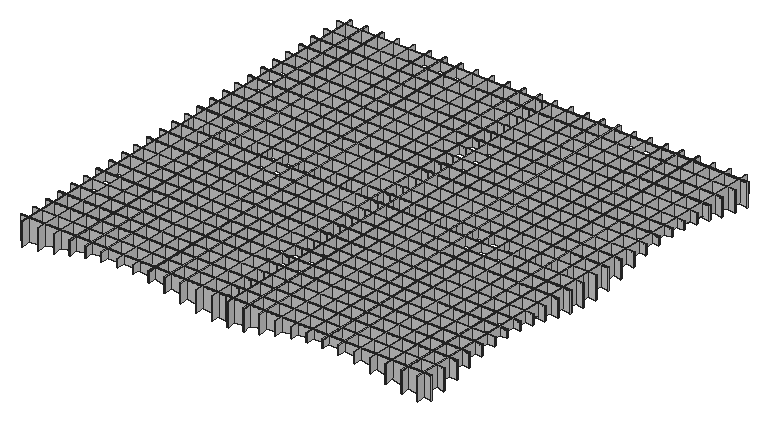
Revit family "CLD-WFL-002_RFA", category Modelos genéricos, Revit 2022 (continued)
Forms (in)
  Extrusion 163, solid, not visible
    sketch origin (0, 66.472, 0) x (1, 0, 0) y (0, 0, 1)
      loop
        spline (0, 6.40455) -> (0.32561, 6.42139) -> (0.65129, 6.43729) -> (0.97702, 6.45226) -> (1.3028, 6.46628) -> (1.62862, 6.47935) -> (1.95447, 6.49146) -> (2.28035, 6.50259) -> (2.60624, 6.51274) -> (2.93213, 6.52189) -> (3.25803, 6.53005) -> (3.58391, 6.5372) -> (3.90978, 6.54334)
        spline (3.90978, 6.54334) -> (4.64427, 6.55011) -> (5.37852, 6.55208) -> (6.11244, 6.54917) -> (6.84598, 6.5413) -> (7.57905, 6.52839) -> (8.31157, 6.51035) -> (9.04349, 6.4871) -> (9.77471, 6.45856) -> (10.50517, 6.42465) -> (11.23479, 6.38528) -> (11.9635, 6.34038) -> (12.69122, 6.28985)
        spline (12.69122, 6.28985) -> (13.34952, 6.23514) -> (14.00673, 6.17505) -> (14.66285, 6.10968) -> (15.31792, 6.03926) -> (15.97202, 5.96405) -> (16.62518, 5.88427) -> (17.27747, 5.80017) -> (17.92894, 5.712) -> (18.57965, 5.62) -> (19.22966, 5.52441) -> (19.87902, 5.42547) -> (20.52778, 5.32343)
        spline (20.52778, 5.32343) -> (21.26115, 5.20293) -> (21.99402, 5.07965) -> (22.72645, 4.95385) -> (23.4585, 4.82583) -> (24.19025, 4.69586) -> (24.92176, 4.56423) -> (25.65308, 4.43121) -> (26.38429, 4.29709) -> (27.11544, 4.16214) -> (27.84661, 4.02665) -> (28.57785, 3.8909) -> (29.30922, 3.75516)
        spline (29.30922, 3.75516) -> (29.95995, 3.63466) -> (30.61094, 3.51485) -> (31.26223, 3.39599) -> (31.91387, 3.2783) -> (32.56591, 3.16206) -> (33.21841, 3.04749) -> (33.87141, 2.93486) -> (34.52497, 2.8244) -> (35.17914, 2.71637) -> (35.83396, 2.61101) -> (36.48949, 2.50857) -> (37.14578, 2.4093)
        spline (37.14578, 2.4093) -> (37.87194, 2.30632) -> (38.59907, 2.20751) -> (39.32723, 2.11315) -> (40.05647, 2.02349) -> (40.78684, 1.93878) -> (41.51831, 1.85902) -> (42.25083, 1.78415) -> (42.98434, 1.71406) -> (43.71879, 1.64869) -> (44.45413, 1.58794) -> (45.19029, 1.53174) -> (45.92722, 1.47999)
        spline (45.92722, 1.47999) -> (46.57816, 1.44092) -> (47.22964, 1.40553) -> (47.88162, 1.37376) -> (48.53404, 1.34552) -> (49.18687, 1.32076) -> (49.84004, 1.2994) -> (50.49352, 1.28136) -> (51.14725, 1.26658) -> (51.80119, 1.25497) -> (52.45529, 1.24648) -> (53.1095, 1.24101) -> (53.76378, 1.23852)
        spline (53.76378, 1.23852) -> (54.49695, 1.24145) -> (55.23005, 1.2477) -> (55.96302, 1.25736) -> (56.69581, 1.2705) -> (57.42836, 1.2872) -> (58.16063, 1.30755) -> (58.89256, 1.33163) -> (59.62409, 1.35951) -> (60.35518, 1.39128) -> (61.08577, 1.42702) -> (61.8158, 1.46681) -> (62.54522, 1.51073)
        spline (62.54522, 1.51073) -> (63.20286, 1.5569) -> (63.85981, 1.60706) -> (64.51602, 1.66127) -> (65.17144, 1.7196) -> (65.82603, 1.78214) -> (66.47973, 1.84896) -> (67.1325, 1.92013) -> (67.78428, 1.99572) -> (68.43505, 2.07573) -> (69.08486, 2.15994) -> (69.73376, 2.24811) -> (70.38178, 2.34001)
        spline (70.38178, 2.34001) -> (71.11719, 2.45082) -> (71.85175, 2.56518) -> (72.58552, 2.6828) -> (73.31856, 2.80343) -> (74.05092, 2.92677) -> (74.78266, 3.05256) -> (75.51384, 3.1805) -> (76.2445, 3.31033) -> (76.97472, 3.44177) -> (77.70454, 3.57454) -> (78.43402, 3.70836) -> (79.16322, 3.84296)
        spline (79.16322, 3.84296) -> (79.81589, 3.96449) -> (80.46845, 4.08604) -> (81.12094, 4.20735) -> (81.77342, 4.32817) -> (82.42595, 4.44826) -> (83.07858, 4.56736) -> (83.73137, 4.68523) -> (84.38439, 4.80161) -> (85.03768, 4.91625) -> (85.6913, 5.02891) -> (86.34531, 5.13933) -> (86.99978, 5.24726)
        spline (86.99978, 5.24726) -> (87.72678, 5.36123) -> (88.45444, 5.47173) -> (89.18283, 5.57848) -> (89.91201, 5.68121) -> (90.64203, 5.77964) -> (91.37298, 5.87351) -> (92.10489, 5.96254) -> (92.83785, 6.04646) -> (93.5719, 6.125) -> (94.30712, 6.19789) -> (95.04356, 6.26486) -> (95.78122, 6.32579)
        spline (95.78122, 6.32579) -> (96.46987, 6.37175) -> (97.15943, 6.41238) -> (97.84985, 6.44778) -> (98.54104, 6.47801) -> (99.23294, 6.50316) -> (99.92548, 6.5233) -> (100.61859, 6.53851) -> (101.3122, 6.54886) -> (102.00624, 6.55445) -> (102.70063, 6.55534) -> (103.39532, 6.55161) -> (104.09022, 6.54334)
        spline (104.09022, 6.54334) -> (104.41609, 6.5372) -> (104.74197, 6.53005) -> (105.06787, 6.52189) -> (105.39376, 6.51274) -> (105.71965, 6.50259) -> (106.04553, 6.49146) -> (106.37138, 6.47935) -> (106.6972, 6.46628) -> (107.02298, 6.45226) -> (107.34871, 6.43729) -> (107.67439, 6.42139) -> (108, 6.40455)
        line (108, 6.40455) -> (108, 11.82144)
    from -0.11811 to 0
  Extrusion 164, solid, not visible
    sketch origin (0, 66.59011, 0) x (1, 0, 0) y (0, 0, 1)
      loop
        line (108, 11.82144) -> (0, 11.82144) -> (0, 6.40455)
        spline (0, 6.40455) -> (0.32561, 6.42139) -> (0.65129, 6.43729) -> (0.97702, 6.45226) -> (1.3028, 6.46628) -> (1.62862, 6.47935) -> (1.95447, 6.49146) -> (2.28035, 6.50259) -> (2.60624, 6.51274) -> (2.93213, 6.52189) -> (3.25803, 6.53005) -> (3.58391, 6.5372) -> (3.90978, 6.54334)
        spline (3.90978, 6.54334) -> (4.64427, 6.55011) -> (5.37852, 6.55208) -> (6.11244, 6.54917) -> (6.84598, 6.5413) -> (7.57905, 6.52839) -> (8.31157, 6.51035) -> (9.04349, 6.4871) -> (9.77471, 6.45856) -> (10.50517, 6.42465) -> (11.23479, 6.38528) -> (11.9635, 6.34038) -> (12.69122, 6.28985)
        spline (12.69122, 6.28985) -> (13.34952, 6.23514) -> (14.00673, 6.17505) -> (14.66285, 6.10968) -> (15.31792, 6.03926) -> (15.97202, 5.96405) -> (16.62518, 5.88427) -> (17.27747, 5.80017) -> (17.92894, 5.712) -> (18.57965, 5.62) -> (19.22966, 5.52441) -> (19.87902, 5.42547) -> (20.52778, 5.32343)
        spline (20.52778, 5.32343) -> (21.26115, 5.20293) -> (21.99402, 5.07965) -> (22.72645, 4.95385) -> (23.4585, 4.82583) -> (24.19025, 4.69586) -> (24.92176, 4.56423) -> (25.65308, 4.43121) -> (26.38429, 4.29709) -> (27.11544, 4.16214) -> (27.84661, 4.02665) -> (28.57785, 3.8909) -> (29.30922, 3.75516)
        spline (29.30922, 3.75516) -> (29.95995, 3.63466) -> (30.61094, 3.51485) -> (31.26223, 3.39599) -> (31.91387, 3.2783) -> (32.56591, 3.16206) -> (33.21841, 3.04749) -> (33.87141, 2.93486) -> (34.52497, 2.8244) -> (35.17914, 2.71637) -> (35.83396, 2.61101) -> (36.48949, 2.50857) -> (37.14578, 2.4093)
        spline (37.14578, 2.4093) -> (37.87194, 2.30632) -> (38.59907, 2.20751) -> (39.32723, 2.11315) -> (40.05647, 2.02349) -> (40.78684, 1.93878) -> (41.51831, 1.85902) -> (42.25083, 1.78415) -> (42.98434, 1.71406) -> (43.71879, 1.64869) -> (44.45413, 1.58794) -> (45.19029, 1.53174) -> (45.92722, 1.47999)
        spline (45.92722, 1.47999) -> (46.57816, 1.44092) -> (47.22964, 1.40553) -> (47.88162, 1.37376) -> (48.53404, 1.34552) -> (49.18687, 1.32076) -> (49.84004, 1.2994) -> (50.49352, 1.28136) -> (51.14725, 1.26658) -> (51.80119, 1.25497) -> (52.45529, 1.24648) -> (53.1095, 1.24101) -> (53.76378, 1.23852)
        spline (53.76378, 1.23852) -> (54.49695, 1.24145) -> (55.23005, 1.2477) -> (55.96302, 1.25736) -> (56.69581, 1.2705) -> (57.42836, 1.2872) -> (58.16063, 1.30755) -> (58.89256, 1.33163) -> (59.62409, 1.35951) -> (60.35518, 1.39128) -> (61.08577, 1.42702) -> (61.8158, 1.46681) -> (62.54522, 1.51073)
        spline (62.54522, 1.51073) -> (63.20286, 1.5569) -> (63.85981, 1.60706) -> (64.51602, 1.66127) -> (65.17144, 1.7196) -> (65.82603, 1.78214) -> (66.47973, 1.84896) -> (67.1325, 1.92013) -> (67.78428, 1.99572) -> (68.43505, 2.07573) -> (69.08486, 2.15994) -> (69.73376, 2.24811) -> (70.38178, 2.34001)
        spline (70.38178, 2.34001) -> (71.11719, 2.45082) -> (71.85175, 2.56518) -> (72.58552, 2.6828) -> (73.31856, 2.80343) -> (74.05092, 2.92677) -> (74.78266, 3.05256) -> (75.51384, 3.1805) -> (76.2445, 3.31033) -> (76.97472, 3.44177) -> (77.70454, 3.57454) -> (78.43402, 3.70836) -> (79.16322, 3.84296)
        spline (79.16322, 3.84296) -> (79.81589, 3.96449) -> (80.46845, 4.08604) -> (81.12094, 4.20735) -> (81.77342, 4.32817) -> (82.42595, 4.44826) -> (83.07858, 4.56736) -> (83.73137, 4.68523) -> (84.38439, 4.80161) -> (85.03768, 4.91625) -> (85.6913, 5.02891) -> (86.34531, 5.13933) -> (86.99978, 5.24726)
        spline (86.99978, 5.24726) -> (87.72678, 5.36123) -> (88.45444, 5.47173) -> (89.18283, 5.57848) -> (89.91201, 5.68121) -> (90.64203, 5.77964) -> (91.37298, 5.87351) -> (92.10489, 5.96254) -> (92.83785, 6.04646) -> (93.5719, 6.125) -> (94.30712, 6.19789) -> (95.04356, 6.26486) -> (95.78122, 6.32579)
        spline (95.78122, 6.32579) -> (96.46987, 6.37175) -> (97.15943, 6.41238) -> (97.84985, 6.44778) -> (98.54104, 6.47801) -> (99.23294, 6.50316) -> (99.92548, 6.5233) -> (100.61859, 6.53851) -> (101.3122, 6.54886) -> (102.00624, 6.55445) -> (102.70063, 6.55534) -> (103.39532, 6.55161) -> (104.09022, 6.54334)
        spline (104.09022, 6.54334) -> (104.41609, 6.5372) -> (104.74197, 6.53005) -> (105.06787, 6.52189) -> (105.39376, 6.51274) -> (105.71965, 6.50259) -> (106.04553, 6.49146) -> (106.37138, 6.47935) -> (106.6972, 6.46628) -> (107.02298, 6.45226) -> (107.34871, 6.43729) -> (107.67439, 6.42139) -> (108, 6.40455)
        line (108, 6.40455) -> (108, 11.82144)
    from -0.47244 to 0
  Extrusion 165, solid, not visible
    sketch origin (0, 67.06255, 0) x (1, 0, 0) y (0, 0, 1)
      loop
        line (108, 11.82144) -> (0, 11.82144) -> (0, 6.40455)
        spline (0, 6.40455) -> (0.32561, 6.42139) -> (0.65129, 6.43729) -> (0.97702, 6.45226) -> (1.3028, 6.46628) -> (1.62862, 6.47935) -> (1.95447, 6.49146) -> (2.28035, 6.50259) -> (2.60624, 6.51274) -> (2.93213, 6.52189) -> (3.25803, 6.53005) -> (3.58391, 6.5372) -> (3.90978, 6.54334)
        spline (3.90978, 6.54334) -> (4.64427, 6.55011) -> (5.37852, 6.55208) -> (6.11244, 6.54917) -> (6.84598, 6.5413) -> (7.57905, 6.52839) -> (8.31157, 6.51035) -> (9.04349, 6.4871) -> (9.77471, 6.45856) -> (10.50517, 6.42465) -> (11.23479, 6.38528) -> (11.9635, 6.34038) -> (12.69122, 6.28985)
        spline (12.69122, 6.28985) -> (13.34952, 6.23514) -> (14.00673, 6.17505) -> (14.66285, 6.10968) -> (15.31792, 6.03926) -> (15.97202, 5.96405) -> (16.62518, 5.88427) -> (17.27747, 5.80017) -> (17.92894, 5.712) -> (18.57965, 5.62) -> (19.22966, 5.52441) -> (19.87902, 5.42547) -> (20.52778, 5.32343)
        spline (20.52778, 5.32343) -> (21.26115, 5.20293) -> (21.99402, 5.07965) -> (22.72645, 4.95385) -> (23.4585, 4.82583) -> (24.19025, 4.69586) -> (24.92176, 4.56423) -> (25.65308, 4.43121) -> (26.38429, 4.29709) -> (27.11544, 4.16214) -> (27.84661, 4.02665) -> (28.57785, 3.8909) -> (29.30922, 3.75516)
        spline (29.30922, 3.75516) -> (29.95995, 3.63466) -> (30.61094, 3.51485) -> (31.26223, 3.39599) -> (31.91387, 3.2783) -> (32.56591, 3.16206) -> (33.21841, 3.04749) -> (33.87141, 2.93486) -> (34.52497, 2.8244) -> (35.17914, 2.71637) -> (35.83396, 2.61101) -> (36.48949, 2.50857) -> (37.14578, 2.4093)
        spline (37.14578, 2.4093) -> (37.87194, 2.30632) -> (38.59907, 2.20751) -> (39.32723, 2.11315) -> (40.05647, 2.02349) -> (40.78684, 1.93878) -> (41.51831, 1.85902) -> (42.25083, 1.78415) -> (42.98434, 1.71406) -> (43.71879, 1.64869) -> (44.45413, 1.58794) -> (45.19029, 1.53174) -> (45.92722, 1.47999)
        spline (45.92722, 1.47999) -> (46.57816, 1.44092) -> (47.22964, 1.40553) -> (47.88162, 1.37376) -> (48.53404, 1.34552) -> (49.18687, 1.32076) -> (49.84004, 1.2994) -> (50.49352, 1.28136) -> (51.14725, 1.26658) -> (51.80119, 1.25497) -> (52.45529, 1.24648) -> (53.1095, 1.24101) -> (53.76378, 1.23852)
        spline (53.76378, 1.23852) -> (54.49695, 1.24145) -> (55.23005, 1.2477) -> (55.96302, 1.25736) -> (56.69581, 1.2705) -> (57.42836, 1.2872) -> (58.16063, 1.30755) -> (58.89256, 1.33163) -> (59.62409, 1.35951) -> (60.35518, 1.39128) -> (61.08577, 1.42702) -> (61.8158, 1.46681) -> (62.54522, 1.51073)
        spline (62.54522, 1.51073) -> (63.20286, 1.5569) -> (63.85981, 1.60706) -> (64.51602, 1.66127) -> (65.17144, 1.7196) -> (65.82603, 1.78214) -> (66.47973, 1.84896) -> (67.1325, 1.92013) -> (67.78428, 1.99572) -> (68.43505, 2.07573) -> (69.08486, 2.15994) -> (69.73376, 2.24811) -> (70.38178, 2.34001)
        spline (70.38178, 2.34001) -> (71.11719, 2.45082) -> (71.85175, 2.56518) -> (72.58552, 2.6828) -> (73.31856, 2.80343) -> (74.05092, 2.92677) -> (74.78266, 3.05256) -> (75.51384, 3.1805) -> (76.2445, 3.31033) -> (76.97472, 3.44177) -> (77.70454, 3.57454) -> (78.43402, 3.70836) -> (79.16322, 3.84296)
        spline (79.16322, 3.84296) -> (79.81589, 3.96449) -> (80.46845, 4.08604) -> (81.12094, 4.20735) -> (81.77342, 4.32817) -> (82.42595, 4.44826) -> (83.07858, 4.56736) -> (83.73137, 4.68523) -> (84.38439, 4.80161) -> (85.03768, 4.91625) -> (85.6913, 5.02891) -> (86.34531, 5.13933) -> (86.99978, 5.24726)
        spline (86.99978, 5.24726) -> (87.72678, 5.36123) -> (88.45444, 5.47173) -> (89.18283, 5.57848) -> (89.91201, 5.68121) -> (90.64203, 5.77964) -> (91.37298, 5.87351) -> (92.10489, 5.96254) -> (92.83785, 6.04646) -> (93.5719, 6.125) -> (94.30712, 6.19789) -> (95.04356, 6.26486) -> (95.78122, 6.32579)
        spline (95.78122, 6.32579) -> (96.46987, 6.37175) -> (97.15943, 6.41238) -> (97.84985, 6.44778) -> (98.54104, 6.47801) -> (99.23294, 6.50316) -> (99.92548, 6.5233) -> (100.61859, 6.53851) -> (101.3122, 6.54886) -> (102.00624, 6.55445) -> (102.70063, 6.55534) -> (103.39532, 6.55161) -> (104.09022, 6.54334)
        spline (104.09022, 6.54334) -> (104.41609, 6.5372) -> (104.74197, 6.53005) -> (105.06787, 6.52189) -> (105.39376, 6.51274) -> (105.71965, 6.50259) -> (106.04553, 6.49146) -> (106.37138, 6.47935) -> (106.6972, 6.46628) -> (107.02298, 6.45226) -> (107.34871, 6.43729) -> (107.67439, 6.42139) -> (108, 6.40455)
        line (108, 6.40455) -> (108, 11.82144)
    from -0.11811 to 0
  Extrusion 166, solid, not visible
    sketch origin (0, 74.781, 0) x (1, 0, 0) y (0, 0, 1)
      loop
        line (108, 11.82144) -> (0, 11.82144) -> (0, 4.58891)
        spline (0, 4.58891) -> (0.32561, 4.62796) -> (0.65129, 4.66617) -> (0.97702, 4.70353) -> (1.3028, 4.74004) -> (1.62862, 4.77569) -> (1.95447, 4.81048) -> (2.28035, 4.84439) -> (2.60624, 4.87743) -> (2.93213, 4.90957) -> (3.25803, 4.94083) -> (3.58391, 4.97119) -> (3.90978, 5.00064)
        spline (3.90978, 5.00064) -> (4.64427, 5.06081) -> (5.37851, 5.11675) -> (6.11244, 5.16838) -> (6.84597, 5.21566) -> (7.57904, 5.25851) -> (8.31157, 5.29688) -> (9.04348, 5.33072) -> (9.7747, 5.35995) -> (10.50516, 5.38452) -> (11.23478, 5.40437) -> (11.96349, 5.41944) -> (12.69122, 5.42966)
        spline (12.69122, 5.42966) -> (13.34952, 5.43128) -> (14.00673, 5.42829) -> (14.66285, 5.42076) -> (15.31792, 5.40886) -> (15.97202, 5.39278) -> (16.62518, 5.37269) -> (17.27747, 5.34877) -> (17.92894, 5.32119) -> (18.57965, 5.29014) -> (19.22966, 5.2558) -> (19.87902, 5.21833) -> (20.52778, 5.17793)
        spline (20.52778, 5.17793) -> (21.26115, 5.12722) -> (21.99402, 5.0737) -> (22.72645, 5.01759) -> (23.45851, 4.95908) -> (24.19025, 4.89838) -> (24.92176, 4.8357) -> (25.65308, 4.77124) -> (26.38429, 4.70521) -> (27.11544, 4.63782) -> (27.84661, 4.56926) -> (28.57785, 4.49975) -> (29.30922, 4.42949)
        spline (29.30922, 4.42949) -> (29.95995, 4.366) -> (30.61094, 4.30234) -> (31.26223, 4.2387) -> (31.91387, 4.17525) -> (32.56591, 4.11218) -> (33.21841, 4.04966) -> (33.87141, 3.98789) -> (34.52497, 3.92703) -> (35.17914, 3.86728) -> (35.83396, 3.80881) -> (36.48949, 3.75181) -> (37.14578, 3.69645)
        spline (37.14578, 3.69645) -> (37.87194, 3.63892) -> (38.59907, 3.58371) -> (39.32723, 3.53102) -> (40.05647, 3.48105) -> (40.78684, 3.43397) -> (41.51831, 3.38979) -> (42.25083, 3.34845) -> (42.98434, 3.30989) -> (43.7188, 3.27405) -> (44.45413, 3.24086) -> (45.19029, 3.21027) -> (45.92722, 3.18221)
        spline (45.92722, 3.18221) -> (46.57816, 3.16116) -> (47.22964, 3.14217) -> (47.88162, 3.12519) -> (48.53404, 3.11017) -> (49.18687, 3.09705) -> (49.84004, 3.08579) -> (50.49352, 3.07632) -> (51.14725, 3.06859) -> (51.80119, 3.06255) -> (52.45529, 3.05816) -> (53.1095, 3.05535) -> (53.76378, 3.05407)
        spline (53.76378, 3.05407) -> (54.49695, 3.0556) -> (55.23004, 3.05885) -> (55.96301, 3.06387) -> (56.6958, 3.07073) -> (57.42836, 3.07948) -> (58.16062, 3.09019) -> (58.89255, 3.10292) -> (59.62409, 3.11771) -> (60.35517, 3.13464) -> (61.08576, 3.15376) -> (61.81579, 3.17514) -> (62.54522, 3.19882)
        spline (62.54522, 3.19882) -> (63.20286, 3.22386) -> (63.85981, 3.25117) -> (64.51602, 3.28078) -> (65.17144, 3.31277) -> (65.82603, 3.34719) -> (66.47973, 3.38408) -> (67.1325, 3.42351) -> (67.78428, 3.46553) -> (68.43505, 3.51013) -> (69.08486, 3.55715) -> (69.73376, 3.60642) -> (70.38178, 3.65777)
        spline (70.38178, 3.65777) -> (71.1172, 3.71948) -> (71.85176, 3.78304) -> (72.58554, 3.84824) -> (73.31858, 3.91488) -> (74.05094, 3.98275) -> (74.78268, 4.05166) -> (75.51385, 4.12139) -> (76.24452, 4.19176) -> (76.97473, 4.26254) -> (77.70455, 4.33354) -> (78.43403, 4.40456) -> (79.16322, 4.47539)
        spline (79.16322, 4.47539) -> (79.80403, 4.53723) -> (80.44473, 4.59841) -> (81.08536, 4.65876) -> (81.72599, 4.7181) -> (82.36666, 4.77623) -> (83.00743, 4.83299) -> (83.64836, 4.88819) -> (84.28951, 4.94166) -> (84.93093, 4.9932) -> (85.57267, 5.04265) -> (86.21481, 5.08982) -> (86.85738, 5.13453)
        spline (86.85738, 5.13453) -> (87.59614, 5.18092) -> (88.33559, 5.22395) -> (89.07577, 5.26344) -> (89.81676, 5.29917) -> (90.55862, 5.33094) -> (91.30141, 5.35856) -> (92.04519, 5.38181) -> (92.79004, 5.4005) -> (93.53601, 5.41442) -> (94.28316, 5.42338) -> (95.03157, 5.42716) -> (95.78122, 5.4257)
        spline (95.78122, 5.4257) -> (96.43065, 5.41648) -> (97.08095, 5.40294) -> (97.73207, 5.38513) -> (98.38393, 5.36311) -> (99.03648, 5.33693) -> (99.68963, 5.30665) -> (100.34334, 5.27231) -> (100.99753, 5.23398) -> (101.65213, 5.19169) -> (102.30709, 5.14552) -> (102.96233, 5.09551) -> (103.61778, 5.04172)
        spline (103.61778, 5.04172) -> (103.98301, 5.00943) -> (104.34827, 4.97613) -> (104.71354, 4.94182) -> (105.07881, 4.90651) -> (105.44407, 4.8702) -> (105.80932, 4.83291) -> (106.17455, 4.79465) -> (106.53974, 4.75541) -> (106.90489, 4.71521) -> (107.26999, 4.67406) -> (107.63503, 4.63196) -> (108, 4.58891)
        line (108, 4.58891) -> (108, 11.82144)
    from -0.11811 to 0
  Extrusion 167, solid, not visible
    sketch origin (0, 74.89911, 0) x (1, 0, 0) y (0, 0, 1)
      loop
        line (108, 11.82144) -> (0, 11.82144) -> (0, 4.58891)
        spline (0, 4.58891) -> (0.32561, 4.62796) -> (0.65129, 4.66617) -> (0.97702, 4.70353) -> (1.3028, 4.74004) -> (1.62862, 4.77569) -> (1.95447, 4.81048) -> (2.28035, 4.84439) -> (2.60624, 4.87743) -> (2.93213, 4.90957) -> (3.25803, 4.94083) -> (3.58391, 4.97119) -> (3.90978, 5.00064)
        spline (3.90978, 5.00064) -> (4.64427, 5.06081) -> (5.37851, 5.11675) -> (6.11244, 5.16838) -> (6.84597, 5.21566) -> (7.57904, 5.25851) -> (8.31157, 5.29688) -> (9.04348, 5.33072) -> (9.7747, 5.35995) -> (10.50516, 5.38452) -> (11.23478, 5.40437) -> (11.96349, 5.41944) -> (12.69122, 5.42966)
        spline (12.69122, 5.42966) -> (13.34952, 5.43128) -> (14.00673, 5.42829) -> (14.66285, 5.42076) -> (15.31792, 5.40886) -> (15.97202, 5.39278) -> (16.62518, 5.37269) -> (17.27747, 5.34877) -> (17.92894, 5.32119) -> (18.57965, 5.29014) -> (19.22966, 5.2558) -> (19.87902, 5.21833) -> (20.52778, 5.17793)
        spline (20.52778, 5.17793) -> (21.26115, 5.12722) -> (21.99402, 5.0737) -> (22.72645, 5.01759) -> (23.45851, 4.95908) -> (24.19025, 4.89838) -> (24.92176, 4.8357) -> (25.65308, 4.77124) -> (26.38429, 4.70521) -> (27.11544, 4.63782) -> (27.84661, 4.56926) -> (28.57785, 4.49975) -> (29.30922, 4.42949)
        spline (29.30922, 4.42949) -> (29.95995, 4.366) -> (30.61094, 4.30234) -> (31.26223, 4.2387) -> (31.91387, 4.17525) -> (32.56591, 4.11218) -> (33.21841, 4.04966) -> (33.87141, 3.98789) -> (34.52497, 3.92703) -> (35.17914, 3.86728) -> (35.83396, 3.80881) -> (36.48949, 3.75181) -> (37.14578, 3.69645)
        spline (37.14578, 3.69645) -> (37.87194, 3.63892) -> (38.59907, 3.58371) -> (39.32723, 3.53102) -> (40.05647, 3.48105) -> (40.78684, 3.43397) -> (41.51831, 3.38979) -> (42.25083, 3.34845) -> (42.98434, 3.30989) -> (43.7188, 3.27405) -> (44.45413, 3.24086) -> (45.19029, 3.21027) -> (45.92722, 3.18221)
        spline (45.92722, 3.18221) -> (46.57816, 3.16116) -> (47.22964, 3.14217) -> (47.88162, 3.12519) -> (48.53404, 3.11017) -> (49.18687, 3.09705) -> (49.84004, 3.08579) -> (50.49352, 3.07632) -> (51.14725, 3.06859) -> (51.80119, 3.06255) -> (52.45529, 3.05816) -> (53.1095, 3.05535) -> (53.76378, 3.05407)
        spline (53.76378, 3.05407) -> (54.49695, 3.0556) -> (55.23004, 3.05885) -> (55.96301, 3.06387) -> (56.6958, 3.07073) -> (57.42836, 3.07948) -> (58.16062, 3.09019) -> (58.89255, 3.10292) -> (59.62409, 3.11771) -> (60.35517, 3.13464) -> (61.08576, 3.15376) -> (61.81579, 3.17514) -> (62.54522, 3.19882)
        spline (62.54522, 3.19882) -> (63.20286, 3.22386) -> (63.85981, 3.25117) -> (64.51602, 3.28078) -> (65.17144, 3.31277) -> (65.82603, 3.34719) -> (66.47973, 3.38408) -> (67.1325, 3.42351) -> (67.78428, 3.46553) -> (68.43505, 3.51013) -> (69.08486, 3.55715) -> (69.73376, 3.60642) -> (70.38178, 3.65777)
        spline (70.38178, 3.65777) -> (71.1172, 3.71948) -> (71.85176, 3.78304) -> (72.58554, 3.84824) -> (73.31858, 3.91488) -> (74.05094, 3.98275) -> (74.78268, 4.05166) -> (75.51385, 4.12139) -> (76.24452, 4.19176) -> (76.97473, 4.26254) -> (77.70455, 4.33354) -> (78.43403, 4.40456) -> (79.16322, 4.47539)
        spline (79.16322, 4.47539) -> (79.80403, 4.53723) -> (80.44473, 4.59841) -> (81.08536, 4.65876) -> (81.72599, 4.7181) -> (82.36666, 4.77623) -> (83.00743, 4.83299) -> (83.64836, 4.88819) -> (84.28951, 4.94166) -> (84.93093, 4.9932) -> (85.57267, 5.04265) -> (86.21481, 5.08982) -> (86.85738, 5.13453)
        spline (86.85738, 5.13453) -> (87.59614, 5.18092) -> (88.33559, 5.22395) -> (89.07577, 5.26344) -> (89.81676, 5.29917) -> (90.55862, 5.33094) -> (91.30141, 5.35856) -> (92.04519, 5.38181) -> (92.79004, 5.4005) -> (93.53601, 5.41442) -> (94.28316, 5.42338) -> (95.03157, 5.42716) -> (95.78122, 5.4257)
        spline (95.78122, 5.4257) -> (96.43065, 5.41648) -> (97.08095, 5.40294) -> (97.73207, 5.38513) -> (98.38393, 5.36311) -> (99.03648, 5.33693) -> (99.68963, 5.30665) -> (100.34334, 5.27231) -> (100.99753, 5.23398) -> (101.65213, 5.19169) -> (102.30709, 5.14552) -> (102.96233, 5.09551) -> (103.61778, 5.04172)
        spline (103.61778, 5.04172) -> (103.98301, 5.00943) -> (104.34827, 4.97613) -> (104.71354, 4.94182) -> (105.07881, 4.90651) -> (105.44407, 4.8702) -> (105.80932, 4.83291) -> (106.17455, 4.79465) -> (106.53974, 4.75541) -> (106.90489, 4.71521) -> (107.26999, 4.67406) -> (107.63503, 4.63196) -> (108, 4.58891)
        line (108, 4.58891) -> (108, 11.82144)
    from -0.47244 to 0
  Extrusion 168, solid, not visible
    sketch origin (0, 75.37155, 0) x (1, 0, 0) y (0, 0, 1)
      loop
        line (108, 11.82144) -> (0, 11.82144) -> (0, 4.58891)
        spline (0, 4.58891) -> (0.32561, 4.62796) -> (0.65129, 4.66617) -> (0.97702, 4.70353) -> (1.3028, 4.74004) -> (1.62862, 4.77569) -> (1.95447, 4.81048) -> (2.28035, 4.84439) -> (2.60624, 4.87743) -> (2.93213, 4.90957) -> (3.25803, 4.94083) -> (3.58391, 4.97119) -> (3.90978, 5.00064)
        spline (3.90978, 5.00064) -> (4.64427, 5.06081) -> (5.37851, 5.11675) -> (6.11244, 5.16838) -> (6.84597, 5.21566) -> (7.57904, 5.25851) -> (8.31157, 5.29688) -> (9.04348, 5.33072) -> (9.7747, 5.35995) -> (10.50516, 5.38452) -> (11.23478, 5.40437) -> (11.96349, 5.41944) -> (12.69122, 5.42966)
        spline (12.69122, 5.42966) -> (13.34952, 5.43128) -> (14.00673, 5.42829) -> (14.66285, 5.42076) -> (15.31792, 5.40886) -> (15.97202, 5.39278) -> (16.62518, 5.37269) -> (17.27747, 5.34877) -> (17.92894, 5.32119) -> (18.57965, 5.29014) -> (19.22966, 5.2558) -> (19.87902, 5.21833) -> (20.52778, 5.17793)
        spline (20.52778, 5.17793) -> (21.26115, 5.12722) -> (21.99402, 5.0737) -> (22.72645, 5.01759) -> (23.45851, 4.95908) -> (24.19025, 4.89838) -> (24.92176, 4.8357) -> (25.65308, 4.77124) -> (26.38429, 4.70521) -> (27.11544, 4.63782) -> (27.84661, 4.56926) -> (28.57785, 4.49975) -> (29.30922, 4.42949)
        spline (29.30922, 4.42949) -> (29.95995, 4.366) -> (30.61094, 4.30234) -> (31.26223, 4.2387) -> (31.91387, 4.17525) -> (32.56591, 4.11218) -> (33.21841, 4.04966) -> (33.87141, 3.98789) -> (34.52497, 3.92703) -> (35.17914, 3.86728) -> (35.83396, 3.80881) -> (36.48949, 3.75181) -> (37.14578, 3.69645)
        spline (37.14578, 3.69645) -> (37.87194, 3.63892) -> (38.59907, 3.58371) -> (39.32723, 3.53102) -> (40.05647, 3.48105) -> (40.78684, 3.43397) -> (41.51831, 3.38979) -> (42.25083, 3.34845) -> (42.98434, 3.30989) -> (43.7188, 3.27405) -> (44.45413, 3.24086) -> (45.19029, 3.21027) -> (45.92722, 3.18221)
        spline (45.92722, 3.18221) -> (46.57816, 3.16116) -> (47.22964, 3.14217) -> (47.88162, 3.12519) -> (48.53404, 3.11017) -> (49.18687, 3.09705) -> (49.84004, 3.08579) -> (50.49352, 3.07632) -> (51.14725, 3.06859) -> (51.80119, 3.06255) -> (52.45529, 3.05816) -> (53.1095, 3.05535) -> (53.76378, 3.05407)
        spline (53.76378, 3.05407) -> (54.49695, 3.0556) -> (55.23004, 3.05885) -> (55.96301, 3.06387) -> (56.6958, 3.07073) -> (57.42836, 3.07948) -> (58.16062, 3.09019) -> (58.89255, 3.10292) -> (59.62409, 3.11771) -> (60.35517, 3.13464) -> (61.08576, 3.15376) -> (61.81579, 3.17514) -> (62.54522, 3.19882)
        spline (62.54522, 3.19882) -> (63.20286, 3.22386) -> (63.85981, 3.25117) -> (64.51602, 3.28078) -> (65.17144, 3.31277) -> (65.82603, 3.34719) -> (66.47973, 3.38408) -> (67.1325, 3.42351) -> (67.78428, 3.46553) -> (68.43505, 3.51013) -> (69.08486, 3.55715) -> (69.73376, 3.60642) -> (70.38178, 3.65777)
        spline (70.38178, 3.65777) -> (71.1172, 3.71948) -> (71.85176, 3.78304) -> (72.58554, 3.84824) -> (73.31858, 3.91488) -> (74.05094, 3.98275) -> (74.78268, 4.05166) -> (75.51385, 4.12139) -> (76.24452, 4.19176) -> (76.97473, 4.26254) -> (77.70455, 4.33354) -> (78.43403, 4.40456) -> (79.16322, 4.47539)
        spline (79.16322, 4.47539) -> (79.80403, 4.53723) -> (80.44473, 4.59841) -> (81.08536, 4.65876) -> (81.72599, 4.7181) -> (82.36666, 4.77623) -> (83.00743, 4.83299) -> (83.64836, 4.88819) -> (84.28951, 4.94166) -> (84.93093, 4.9932) -> (85.57267, 5.04265) -> (86.21481, 5.08982) -> (86.85738, 5.13453)
        spline (86.85738, 5.13453) -> (87.59614, 5.18092) -> (88.33559, 5.22395) -> (89.07577, 5.26344) -> (89.81676, 5.29917) -> (90.55862, 5.33094) -> (91.30141, 5.35856) -> (92.04519, 5.38181) -> (92.79004, 5.4005) -> (93.53601, 5.41442) -> (94.28316, 5.42338) -> (95.03157, 5.42716) -> (95.78122, 5.4257)
        spline (95.78122, 5.4257) -> (96.43065, 5.41648) -> (97.08095, 5.40294) -> (97.73207, 5.38513) -> (98.38393, 5.36311) -> (99.03648, 5.33693) -> (99.68963, 5.30665) -> (100.34334, 5.27231) -> (100.99753, 5.23398) -> (101.65213, 5.19169) -> (102.30709, 5.14552) -> (102.96233, 5.09551) -> (103.61778, 5.04172)
        spline (103.61778, 5.04172) -> (103.98301, 5.00943) -> (104.34827, 4.97613) -> (104.71354, 4.94182) -> (105.07881, 4.90651) -> (105.44407, 4.8702) -> (105.80932, 4.83291) -> (106.17455, 4.79465) -> (106.53974, 4.75541) -> (106.90489, 4.71521) -> (107.26999, 4.67406) -> (107.63503, 4.63196) -> (108, 4.58891)
        line (108, 4.58891) -> (108, 11.82144)
    from -0.11811 to 0
  Extrusion 169, solid, not visible
    sketch origin (0, 83.09, 0) x (1, 0, 0) y (0, 0, 1)
      loop
        line (108, 11.82144) -> (0, 11.82144) -> (0, 2.55729)
        spline (0, 2.55729) -> (0.32561, 2.61504) -> (0.65129, 2.67215) -> (0.97702, 2.72862) -> (1.3028, 2.78445) -> (1.62862, 2.83963) -> (1.95447, 2.89415) -> (2.28035, 2.94802) -> (2.60624, 3.00123) -> (2.93213, 3.05379) -> (3.25803, 3.10567) -> (3.58391, 3.15689) -> (3.90978, 3.20744)
        spline (3.90978, 3.20744) -> (4.64427, 3.31686) -> (5.37851, 3.42317) -> (6.11243, 3.52634) -> (6.84596, 3.62635) -> (7.57903, 3.72316) -> (8.31156, 3.81675) -> (9.04347, 3.90709) -> (9.77469, 3.99415) -> (10.50515, 4.07789) -> (11.23478, 4.1583) -> (11.96349, 4.23534) -> (12.69122, 4.30898)
        spline (12.69122, 4.30898) -> (13.34952, 4.37039) -> (14.00673, 4.4286) -> (14.66285, 4.48364) -> (15.31792, 4.53559) -> (15.97202, 4.58455) -> (16.62518, 4.63059) -> (17.27747, 4.67381) -> (17.92894, 4.71429) -> (18.57965, 4.75212) -> (19.22966, 4.78738) -> (19.87902, 4.82016) -> (20.52778, 4.85054)
        spline (20.52778, 4.85054) -> (21.26115, 4.88062) -> (21.99402, 4.90823) -> (22.72646, 4.93347) -> (23.45851, 4.95644) -> (24.19026, 4.97724) -> (24.92176, 4.99598) -> (25.65309, 5.01275) -> (26.38429, 5.02764) -> (27.11545, 5.04077) -> (27.84661, 5.05223) -> (28.57785, 5.06211) -> (29.30922, 5.07053)
        spline (29.30922, 5.07053) -> (29.95995, 5.07584) -> (30.61094, 5.08009) -> (31.26223, 5.08336) -> (31.91387, 5.08574) -> (32.56591, 5.08733) -> (33.21841, 5.0882) -> (33.87141, 5.08846) -> (34.52497, 5.08817) -> (35.17914, 5.08744) -> (35.83396, 5.08636) -> (36.48949, 5.085) -> (37.14578, 5.08346)
        spline (37.14578, 5.08346) -> (37.87194, 5.08165) -> (38.59907, 5.0799) -> (39.32723, 5.0783) -> (40.05647, 5.07696) -> (40.78684, 5.07594) -> (41.51831, 5.07527) -> (42.25083, 5.07491) -> (42.98434, 5.07483) -> (43.7188, 5.075) -> (44.45413, 5.07538) -> (45.19029, 5.07596) -> (45.92722, 5.0767)
        spline (45.92722, 5.0767) -> (46.57816, 5.07753) -> (47.22964, 5.07843) -> (47.88162, 5.07937) -> (48.53404, 5.08033) -> (49.18687, 5.08128) -> (49.84004, 5.0822) -> (50.49352, 5.08306) -> (51.14725, 5.08383) -> (51.80119, 5.0845) -> (52.45529, 5.08503) -> (53.1095, 5.0854) -> (53.76378, 5.08558)
        spline (53.76378, 5.08558) -> (54.49695, 5.08542) -> (55.23004, 5.08505) -> (55.96301, 5.0845) -> (56.6958, 5.0838) -> (57.42835, 5.08298) -> (58.16062, 5.08206) -> (58.89255, 5.08107) -> (59.62408, 5.08005) -> (60.35517, 5.07902) -> (61.08576, 5.07801) -> (61.81579, 5.07705) -> (62.54522, 5.07616)
        spline (62.54522, 5.07616) -> (63.20286, 5.07551) -> (63.85981, 5.075) -> (64.51602, 5.07466) -> (65.17144, 5.07452) -> (65.82603, 5.0746) -> (66.47973, 5.07493) -> (67.1325, 5.07554) -> (67.78428, 5.07645) -> (68.43505, 5.07766) -> (69.08486, 5.07909) -> (69.73376, 5.08066) -> (70.38178, 5.08229)
        spline (70.38178, 5.08229) -> (71.1172, 5.08386) -> (71.85177, 5.08523) -> (72.58555, 5.08629) -> (73.31859, 5.08695) -> (74.05095, 5.08712) -> (74.78269, 5.08668) -> (75.51386, 5.08555) -> (76.24453, 5.08362) -> (76.97474, 5.08079) -> (77.70455, 5.07697) -> (78.43403, 5.07206) -> (79.16322, 5.06596)
        spline (79.16322, 5.06596) -> (79.81589, 5.05858) -> (80.46845, 5.04989) -> (81.12094, 5.0398) -> (81.77342, 5.02821) -> (82.42595, 5.01505) -> (83.07858, 5.00022) -> (83.73137, 4.98363) -> (84.38439, 4.9652) -> (85.03768, 4.94483) -> (85.6913, 4.92244) -> (86.34531, 4.89793) -> (86.99978, 4.87123)
        spline (86.99978, 4.87123) -> (87.72677, 4.83707) -> (88.45442, 4.80022) -> (89.18281, 4.7606) -> (89.91198, 4.7181) -> (90.642, 4.67263) -> (91.37294, 4.62408) -> (92.10486, 4.57237) -> (92.83781, 4.5174) -> (93.57187, 4.45907) -> (94.3071, 4.39728) -> (95.04355, 4.33194) -> (95.78122, 4.26301)
        spline (95.78122, 4.26301) -> (96.43065, 4.19725) -> (97.08095, 4.12847) -> (97.73207, 4.05667) -> (98.38393, 3.9819) -> (99.03648, 3.90417) -> (99.68963, 3.82352) -> (100.34334, 3.73996) -> (100.99753, 3.65352) -> (101.65213, 3.56424) -> (102.30709, 3.47213) -> (102.96233, 3.37722) -> (103.61778, 3.27954)
        spline (103.61778, 3.27954) -> (103.98302, 3.22342) -> (104.34828, 3.16655) -> (104.71355, 3.10893) -> (105.07882, 3.05057) -> (105.44409, 2.99146) -> (105.80934, 2.93162) -> (106.17456, 2.87105) -> (106.53976, 2.80974) -> (106.9049, 2.74771) -> (107.27, 2.68496) -> (107.63504, 2.62148) -> (108, 2.55729)
        line (108, 2.55729) -> (108, 11.82144)
    from -0.11811 to 0
  Extrusion 170, solid, not visible
    sketch origin (0, 83.20811, 0) x (1, 0, 0) y (0, 0, 1)
      loop
        line (108, 11.82144) -> (0, 11.82144) -> (0, 2.55729)
        spline (0, 2.55729) -> (0.32561, 2.61504) -> (0.65129, 2.67215) -> (0.97702, 2.72862) -> (1.3028, 2.78445) -> (1.62862, 2.83963) -> (1.95447, 2.89415) -> (2.28035, 2.94802) -> (2.60624, 3.00123) -> (2.93213, 3.05379) -> (3.25803, 3.10567) -> (3.58391, 3.15689) -> (3.90978, 3.20744)
        spline (3.90978, 3.20744) -> (4.64427, 3.31686) -> (5.37851, 3.42317) -> (6.11243, 3.52634) -> (6.84596, 3.62635) -> (7.57903, 3.72316) -> (8.31156, 3.81675) -> (9.04347, 3.90709) -> (9.77469, 3.99415) -> (10.50515, 4.07789) -> (11.23478, 4.1583) -> (11.96349, 4.23534) -> (12.69122, 4.30898)
        spline (12.69122, 4.30898) -> (13.34952, 4.37039) -> (14.00673, 4.4286) -> (14.66285, 4.48364) -> (15.31792, 4.53559) -> (15.97202, 4.58455) -> (16.62518, 4.63059) -> (17.27747, 4.67381) -> (17.92894, 4.71429) -> (18.57965, 4.75212) -> (19.22966, 4.78738) -> (19.87902, 4.82016) -> (20.52778, 4.85054)
        spline (20.52778, 4.85054) -> (21.26115, 4.88062) -> (21.99402, 4.90823) -> (22.72646, 4.93347) -> (23.45851, 4.95644) -> (24.19026, 4.97724) -> (24.92176, 4.99598) -> (25.65309, 5.01275) -> (26.38429, 5.02764) -> (27.11545, 5.04077) -> (27.84661, 5.05223) -> (28.57785, 5.06211) -> (29.30922, 5.07053)
        spline (29.30922, 5.07053) -> (29.95995, 5.07584) -> (30.61094, 5.08009) -> (31.26223, 5.08336) -> (31.91387, 5.08574) -> (32.56591, 5.08733) -> (33.21841, 5.0882) -> (33.87141, 5.08846) -> (34.52497, 5.08817) -> (35.17914, 5.08744) -> (35.83396, 5.08636) -> (36.48949, 5.085) -> (37.14578, 5.08346)
        spline (37.14578, 5.08346) -> (37.87194, 5.08165) -> (38.59907, 5.0799) -> (39.32723, 5.0783) -> (40.05647, 5.07696) -> (40.78684, 5.07594) -> (41.51831, 5.07527) -> (42.25083, 5.07491) -> (42.98434, 5.07483) -> (43.7188, 5.075) -> (44.45413, 5.07538) -> (45.19029, 5.07596) -> (45.92722, 5.0767)
        spline (45.92722, 5.0767) -> (46.57816, 5.07753) -> (47.22964, 5.07843) -> (47.88162, 5.07937) -> (48.53404, 5.08033) -> (49.18687, 5.08128) -> (49.84004, 5.0822) -> (50.49352, 5.08306) -> (51.14725, 5.08383) -> (51.80119, 5.0845) -> (52.45529, 5.08503) -> (53.1095, 5.0854) -> (53.76378, 5.08558)
        spline (53.76378, 5.08558) -> (54.49695, 5.08542) -> (55.23004, 5.08505) -> (55.96301, 5.0845) -> (56.6958, 5.0838) -> (57.42835, 5.08298) -> (58.16062, 5.08206) -> (58.89255, 5.08107) -> (59.62408, 5.08005) -> (60.35517, 5.07902) -> (61.08576, 5.07801) -> (61.81579, 5.07705) -> (62.54522, 5.07616)
        spline (62.54522, 5.07616) -> (63.20286, 5.07551) -> (63.85981, 5.075) -> (64.51602, 5.07466) -> (65.17144, 5.07452) -> (65.82603, 5.0746) -> (66.47973, 5.07493) -> (67.1325, 5.07554) -> (67.78428, 5.07645) -> (68.43505, 5.07766) -> (69.08486, 5.07909) -> (69.73376, 5.08066) -> (70.38178, 5.08229)
        spline (70.38178, 5.08229) -> (71.1172, 5.08386) -> (71.85177, 5.08523) -> (72.58555, 5.08629) -> (73.31859, 5.08695) -> (74.05095, 5.08712) -> (74.78269, 5.08668) -> (75.51386, 5.08555) -> (76.24453, 5.08362) -> (76.97474, 5.08079) -> (77.70455, 5.07697) -> (78.43403, 5.07206) -> (79.16322, 5.06596)
        spline (79.16322, 5.06596) -> (79.81589, 5.05858) -> (80.46845, 5.04989) -> (81.12094, 5.0398) -> (81.77342, 5.02821) -> (82.42595, 5.01505) -> (83.07858, 5.00022) -> (83.73137, 4.98363) -> (84.38439, 4.9652) -> (85.03768, 4.94483) -> (85.6913, 4.92244) -> (86.34531, 4.89793) -> (86.99978, 4.87123)
        spline (86.99978, 4.87123) -> (87.72677, 4.83707) -> (88.45442, 4.80022) -> (89.18281, 4.7606) -> (89.91198, 4.7181) -> (90.642, 4.67263) -> (91.37294, 4.62408) -> (92.10486, 4.57237) -> (92.83781, 4.5174) -> (93.57187, 4.45907) -> (94.3071, 4.39728) -> (95.04355, 4.33194) -> (95.78122, 4.26301)
        spline (95.78122, 4.26301) -> (96.43065, 4.19725) -> (97.08095, 4.12847) -> (97.73207, 4.05667) -> (98.38393, 3.9819) -> (99.03648, 3.90417) -> (99.68963, 3.82352) -> (100.34334, 3.73996) -> (100.99753, 3.65352) -> (101.65213, 3.56424) -> (102.30709, 3.47213) -> (102.96233, 3.37722) -> (103.61778, 3.27954)
        spline (103.61778, 3.27954) -> (103.98302, 3.22342) -> (104.34828, 3.16655) -> (104.71355, 3.10893) -> (105.07882, 3.05057) -> (105.44409, 2.99146) -> (105.80934, 2.93162) -> (106.17456, 2.87105) -> (106.53976, 2.80974) -> (106.9049, 2.74771) -> (107.27, 2.68496) -> (107.63504, 2.62148) -> (108, 2.55729)
        line (108, 2.55729) -> (108, 11.82144)
    from -0.47244 to 0
  Extrusion 171, solid, not visible
    sketch origin (0, 83.68055, 0) x (1, 0, 0) y (0, 0, 1)
      loop
        line (108, 11.82144) -> (0, 11.82144) -> (0, 2.55729)
        spline (0, 2.55729) -> (0.32561, 2.61504) -> (0.65129, 2.67215) -> (0.97702, 2.72862) -> (1.3028, 2.78445) -> (1.62862, 2.83963) -> (1.95447, 2.89415) -> (2.28035, 2.94802) -> (2.60624, 3.00123) -> (2.93213, 3.05379) -> (3.25803, 3.10567) -> (3.58391, 3.15689) -> (3.90978, 3.20744)
        spline (3.90978, 3.20744) -> (4.64427, 3.31686) -> (5.37851, 3.42317) -> (6.11243, 3.52634) -> (6.84596, 3.62635) -> (7.57903, 3.72316) -> (8.31156, 3.81675) -> (9.04347, 3.90709) -> (9.77469, 3.99415) -> (10.50515, 4.07789) -> (11.23478, 4.1583) -> (11.96349, 4.23534) -> (12.69122, 4.30898)
        spline (12.69122, 4.30898) -> (13.34952, 4.37039) -> (14.00673, 4.4286) -> (14.66285, 4.48364) -> (15.31792, 4.53559) -> (15.97202, 4.58455) -> (16.62518, 4.63059) -> (17.27747, 4.67381) -> (17.92894, 4.71429) -> (18.57965, 4.75212) -> (19.22966, 4.78738) -> (19.87902, 4.82016) -> (20.52778, 4.85054)
        spline (20.52778, 4.85054) -> (21.26115, 4.88062) -> (21.99402, 4.90823) -> (22.72646, 4.93347) -> (23.45851, 4.95644) -> (24.19026, 4.97724) -> (24.92176, 4.99598) -> (25.65309, 5.01275) -> (26.38429, 5.02764) -> (27.11545, 5.04077) -> (27.84661, 5.05223) -> (28.57785, 5.06211) -> (29.30922, 5.07053)
        spline (29.30922, 5.07053) -> (29.95995, 5.07584) -> (30.61094, 5.08009) -> (31.26223, 5.08336) -> (31.91387, 5.08574) -> (32.56591, 5.08733) -> (33.21841, 5.0882) -> (33.87141, 5.08846) -> (34.52497, 5.08817) -> (35.17914, 5.08744) -> (35.83396, 5.08636) -> (36.48949, 5.085) -> (37.14578, 5.08346)
        spline (37.14578, 5.08346) -> (37.87194, 5.08165) -> (38.59907, 5.0799) -> (39.32723, 5.0783) -> (40.05647, 5.07696) -> (40.78684, 5.07594) -> (41.51831, 5.07527) -> (42.25083, 5.07491) -> (42.98434, 5.07483) -> (43.7188, 5.075) -> (44.45413, 5.07538) -> (45.19029, 5.07596) -> (45.92722, 5.0767)
        spline (45.92722, 5.0767) -> (46.57816, 5.07753) -> (47.22964, 5.07843) -> (47.88162, 5.07937) -> (48.53404, 5.08033) -> (49.18687, 5.08128) -> (49.84004, 5.0822) -> (50.49352, 5.08306) -> (51.14725, 5.08383) -> (51.80119, 5.0845) -> (52.45529, 5.08503) -> (53.1095, 5.0854) -> (53.76378, 5.08558)
        spline (53.76378, 5.08558) -> (54.49695, 5.08542) -> (55.23004, 5.08505) -> (55.96301, 5.0845) -> (56.6958, 5.0838) -> (57.42835, 5.08298) -> (58.16062, 5.08206) -> (58.89255, 5.08107) -> (59.62408, 5.08005) -> (60.35517, 5.07902) -> (61.08576, 5.07801) -> (61.81579, 5.07705) -> (62.54522, 5.07616)
        spline (62.54522, 5.07616) -> (63.20286, 5.07551) -> (63.85981, 5.075) -> (64.51602, 5.07466) -> (65.17144, 5.07452) -> (65.82603, 5.0746) -> (66.47973, 5.07493) -> (67.1325, 5.07554) -> (67.78428, 5.07645) -> (68.43505, 5.07766) -> (69.08486, 5.07909) -> (69.73376, 5.08066) -> (70.38178, 5.08229)
        spline (70.38178, 5.08229) -> (71.1172, 5.08386) -> (71.85177, 5.08523) -> (72.58555, 5.08629) -> (73.31859, 5.08695) -> (74.05095, 5.08712) -> (74.78269, 5.08668) -> (75.51386, 5.08555) -> (76.24453, 5.08362) -> (76.97474, 5.08079) -> (77.70455, 5.07697) -> (78.43403, 5.07206) -> (79.16322, 5.06596)
        spline (79.16322, 5.06596) -> (79.81589, 5.05858) -> (80.46845, 5.04989) -> (81.12094, 5.0398) -> (81.77342, 5.02821) -> (82.42595, 5.01505) -> (83.07858, 5.00022) -> (83.73137, 4.98363) -> (84.38439, 4.9652) -> (85.03768, 4.94483) -> (85.6913, 4.92244) -> (86.34531, 4.89793) -> (86.99978, 4.87123)
        spline (86.99978, 4.87123) -> (87.72677, 4.83707) -> (88.45442, 4.80022) -> (89.18281, 4.7606) -> (89.91198, 4.7181) -> (90.642, 4.67263) -> (91.37294, 4.62408) -> (92.10486, 4.57237) -> (92.83781, 4.5174) -> (93.57187, 4.45907) -> (94.3071, 4.39728) -> (95.04355, 4.33194) -> (95.78122, 4.26301)
        spline (95.78122, 4.26301) -> (96.43065, 4.19725) -> (97.08095, 4.12847) -> (97.73207, 4.05667) -> (98.38393, 3.9819) -> (99.03648, 3.90417) -> (99.68963, 3.82352) -> (100.34334, 3.73996) -> (100.99753, 3.65352) -> (101.65213, 3.56424) -> (102.30709, 3.47213) -> (102.96233, 3.37722) -> (103.61778, 3.27954)
        spline (103.61778, 3.27954) -> (103.98302, 3.22342) -> (104.34828, 3.16655) -> (104.71355, 3.10893) -> (105.07882, 3.05057) -> (105.44409, 2.99146) -> (105.80934, 2.93162) -> (106.17456, 2.87105) -> (106.53976, 2.80974) -> (106.9049, 2.74771) -> (107.27, 2.68496) -> (107.63504, 2.62148) -> (108, 2.55729)
        line (108, 2.55729) -> (108, 11.82144)
    from -0.11811 to 0
  Extrusion 172, solid, not visible
    sketch origin (0, 91.399, 0) x (1, 0, 0) y (0, 0, 1)
      loop
        line (108, 11.82144) -> (0, 11.82144) -> (0, 0.88375)
        spline (0, 0.88375) -> (0.32561, 0.94348) -> (0.65129, 1.00296) -> (0.97702, 1.06219) -> (1.3028, 1.12116) -> (1.62862, 1.1799) -> (1.95447, 1.23838) -> (2.28035, 1.29662) -> (2.60624, 1.35462) -> (2.93213, 1.41237) -> (3.25803, 1.46988) -> (3.58391, 1.52715) -> (3.90978, 1.58418)
        spline (3.90978, 1.58418) -> (4.64426, 1.71122) -> (5.37851, 1.8372) -> (6.11243, 1.96212) -> (6.84596, 2.086) -> (7.57903, 2.20885) -> (8.31155, 2.33067) -> (9.04347, 2.45149) -> (9.77469, 2.57131) -> (10.50515, 2.69014) -> (11.23478, 2.80798) -> (11.96349, 2.92486) -> (12.69122, 3.04079)
        spline (12.69122, 3.04079) -> (13.34952, 3.14441) -> (14.00673, 3.24717) -> (14.66285, 3.34906) -> (15.31792, 3.45005) -> (15.97202, 3.55011) -> (16.62518, 3.64921) -> (17.27747, 3.74732) -> (17.92894, 3.8444) -> (18.57965, 3.94043) -> (19.22966, 4.03537) -> (19.87902, 4.12919) -> (20.52778, 4.22187)
        spline (20.52778, 4.22187) -> (21.26116, 4.32437) -> (21.99403, 4.42546) -> (22.72646, 4.52511) -> (23.45852, 4.62328) -> (24.19027, 4.71993) -> (24.92177, 4.81503) -> (25.6531, 4.90854) -> (26.3843, 5.00042) -> (27.11545, 5.09065) -> (27.84662, 5.17918) -> (28.57786, 5.26598) -> (29.30922, 5.35101)
        spline (29.30922, 5.35101) -> (29.95995, 5.42391) -> (30.61094, 5.49516) -> (31.26223, 5.56472) -> (31.91387, 5.63257) -> (32.56591, 5.69867) -> (33.21841, 5.763) -> (33.87141, 5.82551) -> (34.52497, 5.88618) -> (35.17914, 5.94498) -> (35.83396, 6.00187) -> (36.48949, 6.05683) -> (37.14578, 6.10982)
        spline (37.14578, 6.10982) -> (37.87194, 6.16453) -> (38.59907, 6.21702) -> (39.32723, 6.26723) -> (40.05647, 6.31514) -> (40.78684, 6.36072) -> (41.51831, 6.40397) -> (42.25083, 6.44489) -> (42.98434, 6.4835) -> (43.71879, 6.51981) -> (44.45413, 6.55383) -> (45.19029, 6.58557) -> (45.92722, 6.61503)
        spline (45.92722, 6.61503) -> (46.57816, 6.6376) -> (47.22964, 6.65822) -> (47.88162, 6.67689) -> (48.53404, 6.69363) -> (49.18687, 6.70845) -> (49.84004, 6.72134) -> (50.49352, 6.73234) -> (51.14725, 6.74143) -> (51.80119, 6.74863) -> (52.45529, 6.75396) -> (53.1095, 6.75742) -> (53.76378, 6.75901)
        spline (53.76378, 6.75901) -> (54.49695, 6.7572) -> (55.23004, 6.75331) -> (55.96301, 6.74732) -> (56.6958, 6.73922) -> (57.42835, 6.72901) -> (58.16062, 6.71667) -> (58.89255, 6.7022) -> (59.62408, 6.68557) -> (60.35517, 6.66679) -> (61.08576, 6.64585) -> (61.81579, 6.62272) -> (62.54522, 6.59741)
        spline (62.54522, 6.59741) -> (63.20286, 6.57112) -> (63.85981, 6.54281) -> (64.51602, 6.51247) -> (65.17144, 6.48008) -> (65.82603, 6.44563) -> (66.47973, 6.40912) -> (67.1325, 6.37054) -> (67.78428, 6.32988) -> (68.43505, 6.28713) -> (69.08486, 6.24233) -> (69.73376, 6.19551) -> (70.38178, 6.14669)
        spline (70.38178, 6.14669) -> (71.1172, 6.08737) -> (71.85177, 6.02584) -> (72.58554, 5.96214) -> (73.31858, 5.89631) -> (74.05094, 5.82838) -> (74.78268, 5.75838) -> (75.51386, 5.68636) -> (76.24452, 5.61234) -> (76.97473, 5.53637) -> (77.70455, 5.45847) -> (78.43403, 5.37869) -> (79.16322, 5.29705)
        spline (79.16322, 5.29705) -> (79.81589, 5.22111) -> (80.46845, 5.14359) -> (81.12094, 5.06452) -> (81.77342, 4.98394) -> (82.42595, 4.90188) -> (83.07858, 4.81837) -> (83.73137, 4.73344) -> (84.38439, 4.64713) -> (85.03768, 4.55947) -> (85.6913, 4.47048) -> (86.34531, 4.3802) -> (86.99978, 4.28866)
        spline (86.99978, 4.28866) -> (87.72677, 4.18488) -> (88.45442, 4.07981) -> (89.1828, 3.97349) -> (89.91197, 3.86595) -> (90.64199, 3.75723) -> (91.37293, 3.64737) -> (92.10485, 3.53639) -> (92.8378, 3.42433) -> (93.57186, 3.31123) -> (94.30709, 3.19712) -> (95.04354, 3.08203) -> (95.78122, 2.96599)
        spline (95.78122, 2.96599) -> (96.4698, 2.85601) -> (97.15931, 2.74512) -> (97.84968, 2.63332) -> (98.54085, 2.52058) -> (99.23273, 2.40692) -> (99.92527, 2.2923) -> (100.61838, 2.17673) -> (101.31201, 2.06019) -> (102.00608, 1.94268) -> (102.70052, 1.82418) -> (103.39525, 1.70469) -> (104.09022, 1.58418)
        spline (104.09022, 1.58418) -> (104.41609, 1.52715) -> (104.74197, 1.46988) -> (105.06787, 1.41237) -> (105.39376, 1.35462) -> (105.71965, 1.29662) -> (106.04553, 1.23838) -> (106.37138, 1.1799) -> (106.6972, 1.12116) -> (107.02298, 1.06219) -> (107.34871, 1.00296) -> (107.67439, 0.94348) -> (108, 0.88375)
        line (108, 0.88375) -> (108, 11.82144)
    from -0.11811 to 0
  Extrusion 173, solid, not visible
    sketch origin (0, 91.87144, 0) x (1, 0, 0) y (0, 0, 1)
      loop
        line (108, 11.82144) -> (0, 11.82144) -> (0, 0.88375)
        spline (0, 0.88375) -> (0.32561, 0.94348) -> (0.65129, 1.00296) -> (0.97702, 1.06219) -> (1.3028, 1.12116) -> (1.62862, 1.1799) -> (1.95447, 1.23838) -> (2.28035, 1.29662) -> (2.60624, 1.35462) -> (2.93213, 1.41237) -> (3.25803, 1.46988) -> (3.58391, 1.52715) -> (3.90978, 1.58418)
        spline (3.90978, 1.58418) -> (4.64426, 1.71122) -> (5.37851, 1.8372) -> (6.11243, 1.96212) -> (6.84596, 2.086) -> (7.57903, 2.20885) -> (8.31155, 2.33067) -> (9.04347, 2.45149) -> (9.77469, 2.57131) -> (10.50515, 2.69014) -> (11.23478, 2.80798) -> (11.96349, 2.92486) -> (12.69122, 3.04079)
        spline (12.69122, 3.04079) -> (13.34952, 3.14441) -> (14.00673, 3.24717) -> (14.66285, 3.34906) -> (15.31792, 3.45005) -> (15.97202, 3.55011) -> (16.62518, 3.64921) -> (17.27747, 3.74732) -> (17.92894, 3.8444) -> (18.57965, 3.94043) -> (19.22966, 4.03537) -> (19.87902, 4.12919) -> (20.52778, 4.22187)
        spline (20.52778, 4.22187) -> (21.26116, 4.32437) -> (21.99403, 4.42546) -> (22.72646, 4.52511) -> (23.45852, 4.62328) -> (24.19027, 4.71993) -> (24.92177, 4.81503) -> (25.6531, 4.90854) -> (26.3843, 5.00042) -> (27.11545, 5.09065) -> (27.84662, 5.17918) -> (28.57786, 5.26598) -> (29.30922, 5.35101)
        spline (29.30922, 5.35101) -> (29.95995, 5.42391) -> (30.61094, 5.49516) -> (31.26223, 5.56472) -> (31.91387, 5.63257) -> (32.56591, 5.69867) -> (33.21841, 5.763) -> (33.87141, 5.82551) -> (34.52497, 5.88618) -> (35.17914, 5.94498) -> (35.83396, 6.00187) -> (36.48949, 6.05683) -> (37.14578, 6.10982)
        spline (37.14578, 6.10982) -> (37.87194, 6.16453) -> (38.59907, 6.21702) -> (39.32723, 6.26723) -> (40.05647, 6.31514) -> (40.78684, 6.36072) -> (41.51831, 6.40397) -> (42.25083, 6.44489) -> (42.98434, 6.4835) -> (43.71879, 6.51981) -> (44.45413, 6.55383) -> (45.19029, 6.58557) -> (45.92722, 6.61503)
        spline (45.92722, 6.61503) -> (46.57816, 6.6376) -> (47.22964, 6.65822) -> (47.88162, 6.67689) -> (48.53404, 6.69363) -> (49.18687, 6.70845) -> (49.84004, 6.72134) -> (50.49352, 6.73234) -> (51.14725, 6.74143) -> (51.80119, 6.74863) -> (52.45529, 6.75396) -> (53.1095, 6.75742) -> (53.76378, 6.75901)
        spline (53.76378, 6.75901) -> (54.49695, 6.7572) -> (55.23004, 6.75331) -> (55.96301, 6.74732) -> (56.6958, 6.73922) -> (57.42835, 6.72901) -> (58.16062, 6.71667) -> (58.89255, 6.7022) -> (59.62408, 6.68557) -> (60.35517, 6.66679) -> (61.08576, 6.64585) -> (61.81579, 6.62272) -> (62.54522, 6.59741)
        spline (62.54522, 6.59741) -> (63.20286, 6.57112) -> (63.85981, 6.54281) -> (64.51602, 6.51247) -> (65.17144, 6.48008) -> (65.82603, 6.44563) -> (66.47973, 6.40912) -> (67.1325, 6.37054) -> (67.78428, 6.32988) -> (68.43505, 6.28713) -> (69.08486, 6.24233) -> (69.73376, 6.19551) -> (70.38178, 6.14669)
        spline (70.38178, 6.14669) -> (71.1172, 6.08737) -> (71.85177, 6.02584) -> (72.58554, 5.96214) -> (73.31858, 5.89631) -> (74.05094, 5.82838) -> (74.78268, 5.75838) -> (75.51386, 5.68636) -> (76.24452, 5.61234) -> (76.97473, 5.53637) -> (77.70455, 5.45847) -> (78.43403, 5.37869) -> (79.16322, 5.29705)
        spline (79.16322, 5.29705) -> (79.81589, 5.22111) -> (80.46845, 5.14359) -> (81.12094, 5.06452) -> (81.77342, 4.98394) -> (82.42595, 4.90188) -> (83.07858, 4.81837) -> (83.73137, 4.73344) -> (84.38439, 4.64713) -> (85.03768, 4.55947) -> (85.6913, 4.47048) -> (86.34531, 4.3802) -> (86.99978, 4.28866)
        spline (86.99978, 4.28866) -> (87.72677, 4.18488) -> (88.45442, 4.07981) -> (89.1828, 3.97349) -> (89.91197, 3.86595) -> (90.64199, 3.75723) -> (91.37293, 3.64737) -> (92.10485, 3.53639) -> (92.8378, 3.42433) -> (93.57186, 3.31123) -> (94.30709, 3.19712) -> (95.04354, 3.08203) -> (95.78122, 2.96599)
        spline (95.78122, 2.96599) -> (96.4698, 2.85601) -> (97.15931, 2.74512) -> (97.84968, 2.63332) -> (98.54085, 2.52058) -> (99.23273, 2.40692) -> (99.92527, 2.2923) -> (100.61838, 2.17673) -> (101.31201, 2.06019) -> (102.00608, 1.94268) -> (102.70052, 1.82418) -> (103.39525, 1.70469) -> (104.09022, 1.58418)
        spline (104.09022, 1.58418) -> (104.41609, 1.52715) -> (104.74197, 1.46988) -> (105.06787, 1.41237) -> (105.39376, 1.35462) -> (105.71965, 1.29662) -> (106.04553, 1.23838) -> (106.37138, 1.1799) -> (106.6972, 1.12116) -> (107.02298, 1.06219) -> (107.34871, 1.00296) -> (107.67439, 0.94348) -> (108, 0.88375)
        line (108, 0.88375) -> (108, 11.82144)
    from -0.11811 to 0.35433
  Extrusion 174, solid, not visible
    sketch origin (0, 91.98955, 0) x (1, 0, 0) y (0, 0, 1)
      loop
        line (108, 11.82144) -> (0, 11.82144) -> (0, 0.88375)
        spline (0, 0.88375) -> (0.32561, 0.94348) -> (0.65129, 1.00296) -> (0.97702, 1.06219) -> (1.3028, 1.12116) -> (1.62862, 1.1799) -> (1.95447, 1.23838) -> (2.28035, 1.29662) -> (2.60624, 1.35462) -> (2.93213, 1.41237) -> (3.25803, 1.46988) -> (3.58391, 1.52715) -> (3.90978, 1.58418)
        spline (3.90978, 1.58418) -> (4.64426, 1.71122) -> (5.37851, 1.8372) -> (6.11243, 1.96212) -> (6.84596, 2.086) -> (7.57903, 2.20885) -> (8.31155, 2.33067) -> (9.04347, 2.45149) -> (9.77469, 2.57131) -> (10.50515, 2.69014) -> (11.23478, 2.80798) -> (11.96349, 2.92486) -> (12.69122, 3.04079)
        spline (12.69122, 3.04079) -> (13.34952, 3.14441) -> (14.00673, 3.24717) -> (14.66285, 3.34906) -> (15.31792, 3.45005) -> (15.97202, 3.55011) -> (16.62518, 3.64921) -> (17.27747, 3.74732) -> (17.92894, 3.8444) -> (18.57965, 3.94043) -> (19.22966, 4.03537) -> (19.87902, 4.12919) -> (20.52778, 4.22187)
        spline (20.52778, 4.22187) -> (21.26116, 4.32437) -> (21.99403, 4.42546) -> (22.72646, 4.52511) -> (23.45852, 4.62328) -> (24.19027, 4.71993) -> (24.92177, 4.81503) -> (25.6531, 4.90854) -> (26.3843, 5.00042) -> (27.11545, 5.09065) -> (27.84662, 5.17918) -> (28.57786, 5.26598) -> (29.30922, 5.35101)
        spline (29.30922, 5.35101) -> (29.95995, 5.42391) -> (30.61094, 5.49516) -> (31.26223, 5.56472) -> (31.91387, 5.63257) -> (32.56591, 5.69867) -> (33.21841, 5.763) -> (33.87141, 5.82551) -> (34.52497, 5.88618) -> (35.17914, 5.94498) -> (35.83396, 6.00187) -> (36.48949, 6.05683) -> (37.14578, 6.10982)
        spline (37.14578, 6.10982) -> (37.87194, 6.16453) -> (38.59907, 6.21702) -> (39.32723, 6.26723) -> (40.05647, 6.31514) -> (40.78684, 6.36072) -> (41.51831, 6.40397) -> (42.25083, 6.44489) -> (42.98434, 6.4835) -> (43.71879, 6.51981) -> (44.45413, 6.55383) -> (45.19029, 6.58557) -> (45.92722, 6.61503)
        spline (45.92722, 6.61503) -> (46.57816, 6.6376) -> (47.22964, 6.65822) -> (47.88162, 6.67689) -> (48.53404, 6.69363) -> (49.18687, 6.70845) -> (49.84004, 6.72134) -> (50.49352, 6.73234) -> (51.14725, 6.74143) -> (51.80119, 6.74863) -> (52.45529, 6.75396) -> (53.1095, 6.75742) -> (53.76378, 6.75901)
        spline (53.76378, 6.75901) -> (54.49695, 6.7572) -> (55.23004, 6.75331) -> (55.96301, 6.74732) -> (56.6958, 6.73922) -> (57.42835, 6.72901) -> (58.16062, 6.71667) -> (58.89255, 6.7022) -> (59.62408, 6.68557) -> (60.35517, 6.66679) -> (61.08576, 6.64585) -> (61.81579, 6.62272) -> (62.54522, 6.59741)
